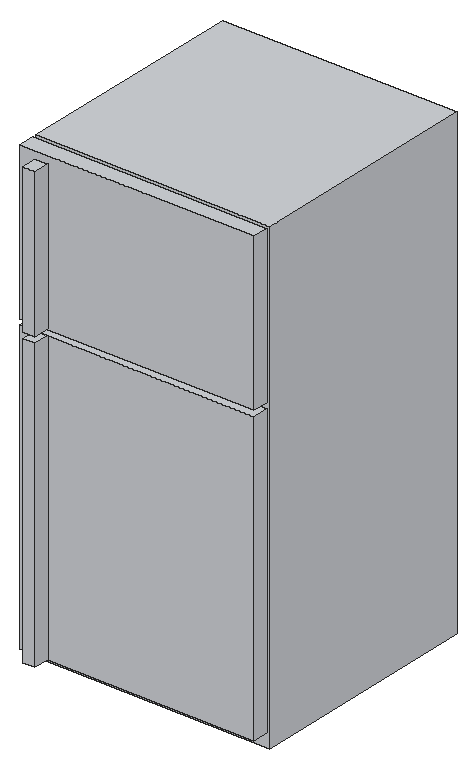
Revit family
Parameters
  Width = 2' - 6"
  Upper Door Height = 1' - 6"
  Height = 5' - 0"
  Depth = 2' - 6"
Reference planes (in)
  plane 1 "Center (Front/Back)": y = 0
  plane 2: z = 0
  plane 3 "Center (Left/Right)": x = 0
  plane 4: x = -15
  plane 5: x = 15
  plane 6: y = 15
  plane 7: y = -15
  plane 8: x = -13
  plane 9: y = 13
  plane 10: x = 13
  plane 11: z = 60
  plane 12: z = 58
  plane 13: z = 3
  plane 14: y = -15.5
  plane 15: y = -17.5
  plane 16: z = 2
  plane 17: z = 40
  plane 18: z = 39.25
  plane 19: x = -11.5
  plane 20: y = -19.5
  plane 21: z = 59
Forms (in)
  Extrusion 1, solid
    sketch origin (0, 0, 0) x (1, 0, 0) y (0, 1, 0)
      loop
        line (-15, 15) -> (-15, -15) -> (15, -15) -> (15, 15) -> (-15, 15)
    from 0 to 60
  Extrusion 2, solid
    sketch origin (0, 0, 0) x (1, 0, 0) y (0, 1, 0)
      loop
        line (-15, -15.5) -> (-15, -17.5) -> (15, -17.5) -> (15, -15.5) -> (-15, -15.5)
    from 40 to 60
  Extrusion 3, solid
    sketch origin (0, 0, 0) x (1, 0, 0) y (0, 1, 0)
      loop
        line (-15, -15.5) -> (-15, -17.5) -> (15, -17.5) -> (15, -15.5) -> (-15, -15.5)
    from 2 to 39.25
  Extrusion 4, solid
    sketch origin (0, 0, 0) x (1, 0, 0) y (0, 1, 0)
      loop
        line (-13, -17.5) -> (-13, -19.5) -> (-11.5, -19.5) -> (-11.5, -17.5) -> (-13, -17.5)
    from 40 to 59
  Extrusion 5, solid
    sketch origin (0, 0, 0) x (1, 0, 0) y (0, 1, 0)
      loop
        line (-13, -17.5) -> (-13, -19.5) -> (-11.5, -19.5) -> (-11.5, -17.5) -> (-13, -17.5)
    from 2 to 39.25
Dimensions and locks (in)
  "Width": plane 4 to plane 5
  "Depth": plane 7 to plane 6
  locked: plane 10 to plane 5 at 2
  locked: plane 4 to plane 8 at 2
  locked: plane 9 to plane 6 at 2
  "Height": plane 11 to level
  locked: plane 11 to plane 12 at 2
  locked: plane 13 to level at 3
  locked: plane 14 to plane 7 at 0.5
  locked: plane 15 to plane 14 at 2
  locked: plane 16 to level at 2
  "Upper Door Height": plane 12 to plane 17
  locked: plane 17 to plane 18 at 0.75
  locked: plane 8 to plane 19 at 1.5
  locked: plane 20 to plane 15 at 2
  locked: plane 11 to plane 21 at 1
  aligned and locked: plane 6 to Extrusion 1 sketch curve
  aligned and locked: plane 4 to Extrusion 1 sketch curve
  aligned and locked: Extrusion 1 sketch curve to plane 5
  aligned and locked: Extrusion 1 sketch curve to plane 7
  aligned and locked: plane 11 to Extrusion 1
  aligned and locked: plane 14 to Extrusion 2 sketch curve
  aligned and locked: Extrusion 2 sketch curve to plane 5
  aligned and locked: Extrusion 2 sketch curve to plane 15
  aligned and locked: plane 4 to Extrusion 2 sketch curve
  aligned and locked: plane 11 to Extrusion 2
  aligned and locked: Extrusion 2 to plane 17
  aligned and locked: plane 14 to Extrusion 3 sketch curve
  aligned and locked: Extrusion 3 sketch curve to plane 5
  aligned and locked: Extrusion 3 sketch curve to Extrusion 2  (x2)
  aligned and locked: plane 18 to Extrusion 3
  aligned and locked: Extrusion 3 to plane 16
  aligned and locked: plane 15 to Extrusion 4 sketch curve
  aligned and locked: Extrusion 4 sketch curve to plane 19
  aligned and locked: Extrusion 4 sketch curve to plane 20
  aligned and locked: plane 8 to Extrusion 4 sketch curve
  aligned and locked: Extrusion 4 to plane 17
  aligned and locked: plane 21 to Extrusion 4
  aligned and locked: plane 15 to Extrusion 5 sketch curve
  aligned and locked: Extrusion 5 sketch curve to plane 19
  aligned and locked: Extrusion 5 sketch curve to plane 20
  aligned and locked: Extrusion 5 sketch curve to Extrusion 4
  aligned and locked: plane 18 to Extrusion 5
  aligned and locked: Extrusion 5 to plane 16
